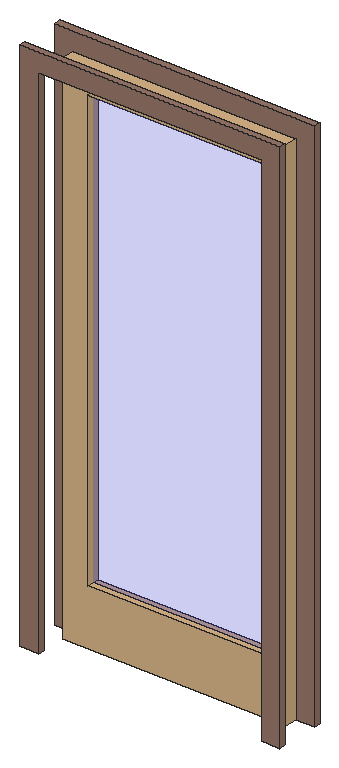
Revit family "0078_M_DR_W_sliding-fixed-panel 1", category 문, Revit 2026
Family settings
  호스트 = 벽
  항상 수직 = 예
  로드될 때 보이드를 사용하여 절단 = 아니오
  공유 = 아니오
  룸 계산 점 = 아니오
Parameters (values of type "36" x 84"")
  두께 = 0' - 2"
  조합 코드 = "C1020"
  기능 = 내부
  Door Material = Door - Panel
  Frame Material = Door - Frame
  Height = 7' - 0"
  Rail Width - Base = 0' - 9"
  Rail Width - Top = 0' - 4"
  Stile Width - Hinge = 0' - 4"
  Stile Width - Latch = 0' - 4"
  Trim Projection Ext = 0' - 1"
  Trim Projection Int = 0' - 1"
  Trim Width = 0' - 3"
  벽 마무리 = 호스트별
  Width = 3' - 0"
Types (8): name | 두께 | 조합 코드 | Height | Rail Width - Base | Rail Width - Top | Stile Width - Hinge | Stile Width - Latch | Trim Projection Ext | Trim Projection Int | Trim Width | Width
  36" x 84" | 0' - 2" | "C1020" | 7' - 0" | 0' - 9" | 0' - 4" | 0' - 4" | 0' - 4" | 0' - 1" | 0' - 1" | 0' - 3" | 3' - 0"
  34" x 84" | 0' - 2" | "C1020" | 7' - 0" | 0' - 9" | 0' - 4" | 0' - 4" | 0' - 4" | 0' - 1" | 0' - 1" | 0' - 3" | 2' - 10"
  32" x 84" | 0' - 2" | "C1020" | 7' - 0" | 0' - 9" | 0' - 4" | 0' - 4" | 0' - 4" | 0' - 1" | 0' - 1" | 0' - 3" | 2' - 8"
  30" x 84" | 0' - 2" | "C1020" | 7' - 0" | 0' - 9" | 0' - 4" | 0' - 4" | 0' - 4" | 0' - 1" | 0' - 1" | 0' - 3" | 2' - 6"
  30" x 80" | 0' - 2" | "C1020" | 6' - 8" | 0' - 9" | 0' - 4" | 0' - 4" | 0' - 4" | 0' - 1" | 0' - 1" | 0' - 3" | 2' - 6"
  36" x 80" | 0' - 2" | "C1020" | 6' - 8" | 0' - 9" | 0' - 4" | 0' - 4" | 0' - 4" | 0' - 1" | 0' - 1" | 0' - 3" | 3' - 0"
  34" x 80" | 0' - 2" | "C1020" | 6' - 8" | 0' - 9" | 0' - 4" | 0' - 4" | 0' - 4" | 0' - 1" | 0' - 1" | 0' - 3" | 2' - 10"
  0915 x 2134mm | 0' - 1.9685" | 0' - 0" | 7' - 0.01575" | 0' - 9.44882" | 0' - 3.93701" | 0' - 3.93701" | 0' - 3.93701" | 0' - 0.98425" | 0' - 0.98425" | 0' - 2.95276" | 3' - 0.02362"
Reference planes (in)
  plane 1: y = 0
  plane 2: z = 0
  plane 3: x = 0
  plane 4: x = -18
  plane 5: x = 18
  plane 6: z = 84
  plane 7: y = 2.125
  plane 8: z = 80
  plane 9: z = 9
  plane 10: x = -14
  plane 11: x = 14
Forms (in)
  Extrusion 1, solid, material "Door - Panel" <- "Door Material"
    sketch origin (0, 0, 0) x (1, 0, 0) y (0, 0, 1)
      loop
        line (-18, 84) -> (-18, 0) -> (18, 0) -> (18, 84) -> (-18, 84)
      loop
        line (14, 80) -> (-14, 80) -> (-14, 9) -> (14, 9) -> (14, 80)
    from -3 to -1
  Extrusion 2, solid, material "Glass"
    sketch origin (0, 0, 0) x (1, 0, 0) y (0, 0, 1)
      loop
        line (14, 80) -> (-14, 80) -> (-14, 9) -> (14, 9) -> (14, 80)
    from -1.875 to -2.125
  Extrusion 3, solid, material "Door - Frame" <- "Frame Material"
    sketch origin (-84.47493, 3, 0) x (-1, 0, 0) y (0, 0, 1)
      loop
        line (-102.47493, 0) -> (-102.47493, 84) -> (-66.47493, 84) -> (-66.47493, 0) -> (-63.47493, 0) -> (-63.47493, 87) -> (-105.47493, 87) -> (-105.47493, 0) -> (-102.47493, 0)
    from 0 to 1
  Extrusion 4, solid, material "Door - Frame" <- "Frame Material"
    sketch origin (-84.47493, -3, 0) x (1, 0, 0) y (0, 0, 1)
      loop
        line (102.47493, 0) -> (105.47493, 0) -> (105.47493, 87) -> (63.47493, 87) -> (63.47493, 0) -> (66.47493, 0) -> (66.47493, 84) -> (102.47493, 84) -> (102.47493, 0)
    from 0 to 1
Lines and regions (in)
  Opening 1
    outline origin (-60, -3, 144) x (0, 0, -1) y (1, 0, 0)
      loop
        line (60, 42) -> (144, 42) -> (144, 78) -> (60, 78) -> (60, 42)
  symbolic lines, style "DoorsGlassProjection"
    curve 1: line (14, 0, 80) -> (14, 0, 9)
    curve 2: line (14, 0, 80) -> (-14, 0, 80)
    curve 3: line (-14, 0, 80) -> (-14, 0, 9)
    curve 4: line (14, 0, 9) -> (-14, 0, 9)
    curve 13: line (-13, 2, 0) -> (14, 2, 0)
  symbolic lines, style "DoorsPanelProjection"
    curve 5: line (-18, 3, 0) -> (-13, 3, 0)
    curve 6: line (-18, 1, 0) -> (-18, 3, 0)
    curve 7: line (-13, 1, 0) -> (-18, 1, 0)
    curve 8: line (-13, 3, 0) -> (-13, 1, 0)
    curve 9: line (14, 3, 0) -> (18, 3, 0)
    curve 10: line (14, 1, 0) -> (14, 3, 0)
    curve 11: line (18, 1, 0) -> (14, 1, 0)
    curve 12: line (18, 3, 0) -> (18, 1, 0)
Dimensions and locks (in)
  equal spacing: plane 4, plane 3, plane 5
  "Width": plane 4 to plane 5
  control icon elem to host wall = 1' - 6"
  control icon elem to plane 5 = 1' - 0"
  "Height": plane 6 to plane 2
  "Trim Width": Extrusion 3 sketch curve to Extrusion 1  (x3)
  "Trim Width": plane 4 to Extrusion 4 sketch curve
  "Trim Width": plane 5 to Extrusion 4 sketch curve
  "Trim Width": plane 6 to Extrusion 4 sketch curve
  "Trim Projection Int": Extrusion 4 to Extrusion 4
  locked: host wall to Extrusion 3
  locked: host wall to Extrusion 1
  "두께": Extrusion 1 to host wall
  "Trim Projection Ext": Extrusion 3 to host wall
  locked: host wall to plane 7 at 0.875
  locked: Extrusion 2 to Extrusion 2 at 0.25
  "Stile Width - Hinge": plane 11 to plane 5
  "Stile Width - Latch": plane 10 to plane 4
  "Rail Width - Base": plane 2 to plane 9
  "Rail Width - Top": plane 8 to plane 6
  aligned and locked: curve 1 to Extrusion 1 sketch curve
  aligned and locked: curve 2 to Extrusion 2 sketch curve
  aligned and locked: curve 1 to Extrusion 2 sketch curve
  aligned and locked: Extrusion 2 sketch curve to curve 2
  aligned and locked: Extrusion 2 sketch curve to curve 1
  aligned and locked: host wall to Extrusion 1  (x3)
  aligned and locked: plane 6 to Extrusion 3 sketch curve
  aligned and locked: Extrusion 3 sketch curve to plane 2
  aligned and locked: plane 2 to Extrusion 3 sketch curve
  aligned and locked: plane 5 to Extrusion 3 sketch curve
  aligned and locked: Extrusion 3 to host wall  (x3)
  aligned and locked: plane 6 to Extrusion 4 sketch curve
  aligned and locked: plane 2 to Extrusion 4 sketch curve  (x2)
  aligned and locked: level to Extrusion 4 sketch curve
  aligned and locked: Extrusion 4 to host wall
  aligned and locked: Extrusion 3 sketch curve to Extrusion 1
  aligned and locked: Extrusion 4 sketch curve to Extrusion 1
  aligned and locked: Extrusion 1 to Extrusion 4 sketch curve
  aligned and locked: Extrusion 2 to plane 7
  aligned and locked: Extrusion 1 sketch curve to plane 11
  aligned and locked: host wall to curve 5
  aligned and locked: curve 5 to Extrusion 1
  aligned and locked: curve 8 to Extrusion 1
  aligned and locked: curve 11 to Extrusion 1
  aligned and locked: plane 11 to curve 10
  aligned and locked: plane 5 to curve 12
  aligned and locked: curve 9 to host wall
  aligned and locked: Extrusion 1 sketch curve to plane 10
  aligned and locked: Extrusion 1 sketch curve to plane 9
Automatic sketch dimensions
  Opening 1 sketch curve to plane 6 = 0' - 0"
  Opening 1 sketch curve to level = 0' - 0"
  Opening 1 sketch curve to plane 4 = 0' - 0"
  Opening 1 sketch curve to plane 5 = 0' - 0"
  Extrusion 4 sketch curve to plane 5 = 0' - 0"
  curve 3 to plane 10 = 0' - 0"
  curve 2 to plane 11 = 0' - 0"
  curve 2 to plane 8 = 0' - 0"
  curve 3 to plane 9 = 0' - 0"
  plane 7 to curve 13 = 0' - 0 1/8"
  Extrusion 1 sketch curve to level = 0' - 0"
  Extrusion 1 sketch curve to plane 4 = 0' - 0"
  Extrusion 1 sketch curve to plane 5 = 0' - 0"
  Extrusion 1 sketch curve to plane 6 = 0' - 0"
